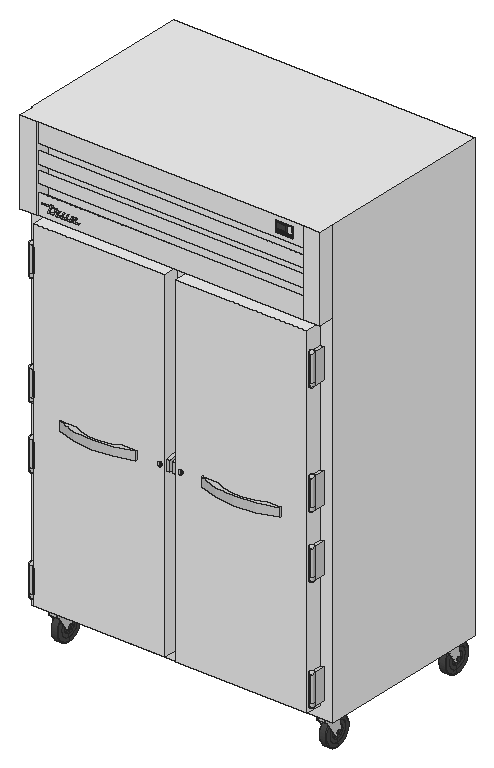
Revit family
Parameters
  Weight in Pounds = 0
  Watts = 3000 W
  Volts = 208 V
  URL Cutsheet = "www.truemfg.com"
  URL = "www.truemfg.com"
  Type Mark [instance] = ""
  Type Comments = ""
  Status [instance] = ""
  Specification by User [instance] = ""
  Specification by Manufacturer = ""
  Show Seismic Flanged [instance] = no
  Show Logo [instance] = yes
  Show Legs [instance] = no
  Show Clearance [instance] = yes
  Serial Number = ""
  Seismic Rating = ""
  Seismic Plate [instance] = and(Show Seismic Flanged, not(Show Casters))  # no
  SMACNA No = ""
  Revision Code [instance] = ""
  Phase = 1
  Omniclass Number and Title = ""
  Number of Poles [instance] = 1
  NAFEM Spec ID Number = ""
  Model = "STA2H-2S"
  Min Ckt Ampacity = 0 A
  Max Overcurrent Protection = 0 A
  Masterspec = ""
  Manufacturer = "TRUE FOOD SERVICE EQUIPMENT, INC."
  Length = 52 5/8"
  Legs [instance] = or(Show Legs, Show Seismic Flanged)  # no
  Item Number [instance] = ""
  Installed By [instance] = ""
  Identify Quantity as Lot [instance] = yes
  Height = 77 3/4"
  HP = ""
  Furnished By [instance] = ""
  Foodservice Equipment Identifier [instance] = yes
  FL Amps = Watts / Volts  # 14.4231 A
  Electrical Remarks [instance] = ""
  Electric Connection Type [instance] = ""
  Elec Conn RI Height [instance] = 0"
  Elec Conn Connection Height [instance] = 0"
  Description = "Reach-in Solid Swing Door Heated Cabinet"
  Depth = 33 3/4"
  Cycle = 60 Hz
  Conn Plug = "6-15P"
  Conn Conduit = yes
  Show Casters [instance] = and(not(if(Show Legs, Show Legs, Show Legs)), not(if(Show Legs, Show Legs, Show Seismic Flanged)))  # yes
  CSI MasterFormat = ""
  CSI Master Format = ""
  Apparent Power = if(Phase = 3, Volts * FL Amps * 1.73, Volts * FL Amps)  # 3000 VA
Reference planes (in)
  plane 1 "BACK": y = 0
  plane 2: z = 0
  plane 3 "LEFT": x = 0
  plane 4 "RIGHT": x = 52.625
  plane 5 "FRONT": y = -33.75
  plane 6 "TOP": z = 84.125
  plane 7: z = 6.125
  plane 8: x = 26.3125
  plane 9: x = 3
  plane 10: x = 49.9375
  plane 11: y = -33.7042
  plane 12: x = 26.46875
Forms (in)
  Extrusion 1, solid, material "QF_Finishes_Chrome - Satin"
    sketch origin (0.05, 0, 0) x (1, 0, 0) y (0, 1, 0)
      loop
        line (-0.05, 0) -> (-0.05, -31) -> (2.35625, -31) -> (2.35625, 0) -> (-0.05, 0)
    from 6.125 to 84.125
  Extrusion 2, solid, material "QF_Finishes_Chrome - Satin"
    sketch origin (50.15, 0, 0) x (1, 0, 0) y (0, 1, 0)
      loop
        line (0.225, 0) -> (0.225, -31) -> (2.475, -31) -> (2.475, 0) -> (0.225, 0)
    from 6.125 to 84.125
  Extrusion 3, solid, material "QF_Finishes_Chrome - Satin"
    sketch origin (0, 0, 0) x (0, 1, 0) y (0, 0, 1)
      loop
        line (-33.7042, 69.5) -> (-31, 69.5) -> (-31, 6.125) -> (0, 6.125) -> (0, 84.125) -> (-33.7042, 84.125) -> (-33.7042, 80.78078) -> (-31.5, 79.21352) -> (-31.5, 78.09125) -> (-33.7042, 79.65851) -> (-33.7042, 77.5248) -> (-31.5, 75.95754) -> (-31.5, 74.99678) -> (-33.7042, 76.56404) -> (-33.7042, 74.46784) -> (-31.5, 72.90057) -> (-31.5, 71.625) -> (-33.7042, 73.19226) -> (-33.7042, 69.5)
    from 2.25 to 50.375
  Extrusion 4, solid, material "QF_Finishes_Chrome - Satin"
    sketch origin (0, 0, 0) x (1, 0, 0) y (0, 1, 0)
      loop
        line (52.54687, -31) -> (49.66032, -31) -> (49.66032, -33.75) -> (52.54687, -33.75) -> (52.54687, -31)
    from 69.5 to 84.125
  Extrusion 5, solid, material "QF_Finishes_Chrome - Satin"
    sketch origin (-50.125, 0, 0.25) x (1, 0, 0) y (0, 1, 0)
      loop
        line (53.20984, -31) -> (50.20312, -31) -> (50.20312, -33.75) -> (53.20984, -33.75) -> (53.20984, -31)
    from 69.25 to 83.875
  Extrusion 6, solid, material "QF_Finishes_Chrome - Satin"
    sketch origin (0, 0, -0.71875) x (1, 0, 0) y (0, 0, 1)
      loop
        line (2.4375, 68.6875) -> (2.4375, 8.75) -> (25.375, 8.75) -> (25.375, 68.6875) -> (2.4375, 68.6875)
      loop
        line (50.34375, 68.6875) -> (27.40625, 68.6875) -> (27.40625, 8.75) -> (50.34375, 8.75) -> (50.34375, 68.6875)
    from 31 to 33.75
  Extrusion 7, solid, material "QF_Finishes_Handrails and Railings"
    sketch origin (85.96563, -0.25, 26.37269) x (1, 0, 0) y (0, 1, 0)
      loop
        line (-53.875, -33.5) -> (-53.875, -33.7)
        arc (-53.875, -33.7) -> (-47.075, -35.14405) -> (-40.275, -33.7) r 16.7325
        line (-40.275, -33.7) -> (-40.275, -33.5) -> (-42.675, -33.5)
        arc (-42.675, -33.5) -> (-47.075, -34.65816) -> (-51.475, -33.5) r 8.93715
        line (-51.475, -33.5) -> (-53.875, -33.5)
    from 10.87731 to 12.37731
  Extrusion 8, solid, material "QF_Finishes_Handrails and Railings"
    sketch origin (1.90625, 0, -2) x (1, 0, 0) y (0, 0, 1)
      loop
        circle (22.6875, 40.0625) r 0.35
      loop
        line (22.65235, 40.33635) -> (22.65235, 39.76895) -> (22.70785, 39.76895) -> (22.70785, 40.33635) -> (22.65235, 40.33635)
      loop
        circle (26.3125, 40.0625) r 0.35
      loop
        line (26.34765, 40.33635) -> (26.29215, 40.33635) -> (26.29215, 39.76895) -> (26.34765, 39.76895) -> (26.34765, 40.33635)
    from 33.5 to 33.83066
  Extrusion 9, solid, material "QF_Finishes_Handrails and Railings", visible <- "Show Logo"
    sketch origin (0.33478, 1.08173, -6.73143) x (1, 0, 0) y (0, 0, 1)
      loop
        line (3.61669, 78.46231) -> (3.51103, 78.23573) -> (4.91652, 78.23573)
        arc (4.91652, 78.23573) -> (4.94504, 78.18528) -> (4.91652, 78.13484) r 0.05887
        line (4.91652, 78.13484) -> (4.54994, 77.34872)
        arc (4.54994, 77.34872) -> (4.54676, 77.27591) -> (4.596, 77.22217) r 0.09523
        line (4.596, 77.22217) -> (5.49469, 77.22217)
        arc (5.49469, 77.22217) -> (5.60817, 77.25795) -> (5.68061, 77.35235) r 0.19785
        line (5.68061, 77.35235) -> (5.9691, 77.97101) -> (6.23415, 77.97101)
        arc (6.23415, 77.97101) -> (6.30369, 77.94543) -> (6.29362, 77.87203) r 0.05911
        line (6.29362, 77.87203) -> (6.05223, 77.35437)
        arc (6.05223, 77.35437) -> (6.05599, 77.2684) -> (6.12856, 77.22217) r 0.09318
        line (6.12856, 77.22217) -> (6.91823, 77.22217)
        arc (6.91823, 77.22217) -> (6.97874, 77.24419) -> (7.01093, 77.29995) r 0.09412
        arc (7.01093, 77.29995) -> (7.03371, 77.24495) -> (7.08871, 77.22217) r 0.07778
        line (7.08871, 77.22217) -> (7.58871, 77.22217)
        arc (7.58871, 77.22217) -> (7.64647, 77.23765) -> (7.68876, 77.27993) r 0.11552
        arc (7.68876, 77.27993) -> (7.709, 77.23106) -> (7.75787, 77.21081) r 0.06912
        line (7.75787, 77.21081) -> (8.4685, 77.21081)
        arc (8.4685, 77.21081) -> (8.52659, 77.23488) -> (8.55066, 77.29297) r 0.08216
        arc (8.55066, 77.29297) -> (8.60392, 77.23972) -> (8.67667, 77.22022) r 0.14551
        line (8.67667, 77.22022) -> (10.00783, 77.22022) -> (10.15571, 77.47634) -> (8.81303, 77.47634)
        arc (8.81303, 77.47634) -> (8.77597, 77.50204) -> (8.77459, 77.54711) r 0.05009
        line (8.77459, 77.54711) -> (8.79782, 77.59692)
        arc (8.79782, 77.59692) -> (8.83348, 77.64364) -> (8.88952, 77.66135) r 0.09747
        line (8.88952, 77.66135) -> (9.3211, 77.66135)
        arc (9.3211, 77.66135) -> (9.41425, 77.68631) -> (9.48244, 77.7545) r 0.1863
        line (9.48244, 77.7545) -> (9.60744, 77.97101)
        arc (9.60744, 77.97101) -> (9.60744, 78.08657) -> (9.50736, 78.14434) r 0.11556
        line (9.50736, 78.14434) -> (9.05187, 78.14434)
        arc (9.05187, 78.14434) -> (8.93575, 78.12462) -> (8.85474, 78.03912) r 0.18605
        line (8.85474, 78.03912) -> (8.63829, 77.57493)
        arc (8.63829, 77.57493) -> (8.5744, 77.49167) -> (8.47431, 77.46011) r 0.1745
        line (8.47431, 77.46011) -> (8.00184, 77.46011)
        arc (8.00184, 77.46011) -> (7.94528, 77.52184) -> (7.94893, 77.60548) r 0.10939
        line (7.94893, 77.60548) -> (8.2002, 78.14434) -> (8.04028, 78.14434) -> (7.77406, 77.57344)
        arc (7.77406, 77.57344) -> (7.72234, 77.50603) -> (7.6413, 77.48048) r 0.14128
        line (7.6413, 77.48048) -> (7.3155, 77.48048)
        arc (7.3155, 77.48048) -> (7.26044, 77.55223) -> (7.27225, 77.64189) r 0.11816
        line (7.27225, 77.64189) -> (7.50655, 78.14434) -> (7.34139, 78.14434) -> (7.07171, 77.566)
        arc (7.07171, 77.566) -> (7.0091, 77.50339) -> (6.92358, 77.48048) r 0.17104
        line (6.92358, 77.48048) -> (6.4518, 77.48048)
        arc (6.4518, 77.48048) -> (6.36707, 77.51999) -> (6.35892, 77.61313) r 0.0935
        line (6.35892, 77.61313) -> (6.51399, 77.94569) -> (6.7332, 77.94569)
        arc (6.7332, 77.94569) -> (6.7702, 78.05717) -> (6.84892, 78.14434) r 0.2857
        line (6.84892, 78.14434) -> (5.9923, 78.14434)
        arc (5.9923, 78.14434) -> (5.89711, 78.12324) -> (5.83123, 78.05135) r 0.16212
        line (5.83123, 78.05135) -> (5.59904, 77.55341)
        arc (5.59904, 77.55341) -> (5.54565, 77.50002) -> (5.47272, 77.48048) r 0.14586
        line (5.47272, 77.48048) -> (4.96131, 77.48048)
        arc (4.96131, 77.48048) -> (4.92139, 77.53442) -> (4.92899, 77.60109) r 0.09155
        line (4.92899, 77.60109) -> (5.26643, 78.23573) -> (6.1178, 78.23573) -> (6.22346, 78.46231) -> (5.37209, 78.46231) -> (5.47774, 78.68888) -> (5.17487, 78.68888) -> (5.06922, 78.46231) -> (3.61669, 78.46231)
      loop
        arc (8.9943, 77.93863) -> (8.95744, 77.92875) -> (8.93045, 77.90176) r 0.07373
        line (8.93045, 77.90176) -> (8.90854, 77.83436)
        arc (8.90854, 77.83436) -> (8.9187, 77.80983) -> (8.94324, 77.79966) r 0.0347
        line (8.94324, 77.79966) -> (9.31573, 77.79966)
        arc (9.31573, 77.79966) -> (9.34257, 77.80561) -> (9.36437, 77.82234) r 0.0635
        line (9.36437, 77.82234) -> (9.38249, 77.90622)
        arc (9.38249, 77.90622) -> (9.37716, 77.92868) -> (9.35634, 77.93863) r 0.02676
        line (9.35634, 77.93863) -> (8.9943, 77.93863)
    from 34.76797 to 34.83173
  Extrusion 10, solid
    sketch origin (0, 0, 0) x (1, 0, 0) y (0, 0, 1)
      loop
        circle (49.53125, 82) r 0.25
    from 0 to 0.0625
  Extrusion 11, solid, material "QF_Finishes_Handrails and Railings"
    sketch origin (-33.16875, -0.25, 26.37269) x (1, 0, 0) y (0, 1, 0)
      loop
        line (53.71875, -33.5) -> (51.31875, -33.5)
        arc (51.31875, -33.5) -> (47.075, -34.58228) -> (42.83125, -33.5) r 8.86127
        line (42.83125, -33.5) -> (40.43125, -33.5) -> (40.43125, -33.7)
        arc (40.43125, -33.7) -> (47.075, -35.08117) -> (53.71875, -33.7) r 16.66961
        line (53.71875, -33.7) -> (53.71875, -33.5)
    from 10.87731 to 12.37731
  Blend 12, solid, material "QF_Finishes_Handrails and Railings"
    base sketch origin (0.125, 0, 0) x (1, 0, 0) y (0, 0, 1)
      loop
        line (25.25, 38.99169) -> (25.25, 37.24169) -> (26, 37.24169) -> (26, 38.99169) -> (25.25, 38.99169)
    top sketch origin (0.125, 0, 0) x (1, 0, 0) y (0, 0, 1)
      loop
        line (26.18223, 36.6441) -> (26.18223, 39.42643) -> (25.25, 39.42643) -> (25.25, 36.6441) -> (26.18223, 36.6441)
    from 33.57883 to 31
  Blend 13, solid, material "QF_Finishes_Handrails and Railings"
    base sketch origin (52.65625, 0, 0) x (-1, 0, 0) y (0, 0, -1)
      loop
        line (25.25, -38.99169) -> (26, -38.99169) -> (26, -37.24169) -> (25.25, -37.24169) -> (25.25, -38.99169)
    top sketch origin (52.65625, 0, 0) x (-1, 0, 0) y (0, 0, -1)
      loop
        line (26.18223, -36.6441) -> (25.25, -36.6441) -> (25.25, -39.42643) -> (26.18223, -39.42643) -> (26.18223, -36.6441)
    from 33.57883 to 31
  Extrusion 14, solid, material "QF_Finishes_Handrails and Railings"
    sketch origin (1.28125, 0, 0) x (0, 1, 0) y (0, 0, 1)
      loop
        line (-31, 64.55229) -> (-32.61044, 64.55229)
        arc (-32.61044, 64.55229) -> (-32.75506, 64.49238) -> (-32.81497, 64.34776) r 0.20453
        line (-32.81497, 64.34776) -> (-32.81497, 59.94848) -> (-33.25, 59.94848) -> (-33.25, 59.23627) -> (-31, 59.23627) -> (-31, 64.55229)
    from 0.17506 to 1
  Revolve 15, solid, material "QF_Finishes_Handrails and Railings"
    sketch origin (1.78125, 0, 0) x (0, 1, 0) y (0, 0, 1)
      loop
        line (-33.26563, 60.00189) -> (-33.26563, 64.81483)
        arc (-33.26563, 64.81483) -> (-33.53722, 64.72557) -> (-33.67229, 64.4736) r 0.3848
        line (-33.67229, 64.4736) -> (-33.67229, 60.00189) -> (-33.26563, 60.00189)
      loop
        line (-33.26563, 59.94848) -> (-33.67229, 59.94848) -> (-33.67229, 59.37712)
        arc (-33.67229, 59.37712) -> (-33.53264, 59.13383) -> (-33.26563, 59.04781) r 0.38884
        line (-33.26563, 59.04781) -> (-33.26563, 59.94848)
      axis (-33.26563, 59.04781) -> (-33.26563, 64.81483)
    angle from 0 to 360
  Extrusion 16, solid, material "QF_Finishes_Handrails and Railings"
    sketch origin (-0.03125, 0, 0) x (1, 0, 0) y (0, 0, 1)
      loop
        line (2.07116, 64.4736) -> (2.07116, 60.00079) -> (2.46875, 60.00079) -> (2.46875, 64.4736) -> (2.07116, 64.4736)
    from 32.81497 to 33.59495
  Extrusion 17, solid, material "QF_Finishes_Handrails and Railings"
    sketch origin (1.28125, 0, -19.5) x (0, 1, 0) y (0, 0, 1)
      loop
        line (-31, 64.55229) -> (-32.61044, 64.55229)
        arc (-32.61044, 64.55229) -> (-32.75506, 64.49238) -> (-32.81497, 64.34776) r 0.20453
        line (-32.81497, 64.34776) -> (-32.81497, 59.94848) -> (-33.25, 59.94848) -> (-33.25, 59.23627) -> (-31, 59.23627) -> (-31, 64.55229)
    from 0.17506 to 1
  Revolve 18, solid, material "QF_Finishes_Handrails and Railings"
    sketch origin (1.78125, 0, -19.5) x (0, 1, 0) y (0, 0, 1)
      loop
        line (-33.26563, 60.00189) -> (-33.26563, 64.81483)
        arc (-33.26563, 64.81483) -> (-33.53722, 64.72557) -> (-33.67229, 64.4736) r 0.3848
        line (-33.67229, 64.4736) -> (-33.67229, 60.00189) -> (-33.26563, 60.00189)
      loop
        line (-33.26563, 59.94848) -> (-33.67229, 59.94848) -> (-33.67229, 59.37712)
        arc (-33.67229, 59.37712) -> (-33.53264, 59.13383) -> (-33.26563, 59.04781) r 0.38884
        line (-33.26563, 59.04781) -> (-33.26563, 59.94848)
      axis (-33.26563, 59.04781) -> (-33.26563, 64.81483)
    angle from 0 to 360
  Extrusion 19, solid, material "QF_Finishes_Handrails and Railings"
    sketch origin (-0.03125, 0, -19.5) x (1, 0, 0) y (0, 0, 1)
      loop
        line (2.07116, 64.4736) -> (2.07116, 60.00079) -> (2.46875, 60.00079) -> (2.46875, 64.4736) -> (2.07116, 64.4736)
    from 32.81497 to 33.59495
  Extrusion 20, solid, material "QF_Finishes_Handrails and Railings"
    sketch origin (1.28125, 0, -30.5) x (0, 1, 0) y (0, 0, 1)
      loop
        line (-31, 64.55229) -> (-32.61044, 64.55229)
        arc (-32.61044, 64.55229) -> (-32.75506, 64.49238) -> (-32.81497, 64.34776) r 0.20453
        line (-32.81497, 64.34776) -> (-32.81497, 59.94848) -> (-33.25, 59.94848) -> (-33.25, 59.23627) -> (-31, 59.23627) -> (-31, 64.55229)
    from 0.17506 to 1
  Revolve 21, solid, material "QF_Finishes_Handrails and Railings"
    sketch origin (1.78125, 0, -30.5) x (0, 1, 0) y (0, 0, 1)
      loop
        line (-33.26563, 60.00189) -> (-33.26563, 64.81483)
        arc (-33.26563, 64.81483) -> (-33.53722, 64.72557) -> (-33.67229, 64.4736) r 0.3848
        line (-33.67229, 64.4736) -> (-33.67229, 60.00189) -> (-33.26563, 60.00189)
      loop
        line (-33.26563, 59.94848) -> (-33.67229, 59.94848) -> (-33.67229, 59.37712)
        arc (-33.67229, 59.37712) -> (-33.53264, 59.13383) -> (-33.26563, 59.04781) r 0.38884
        line (-33.26563, 59.04781) -> (-33.26563, 59.94848)
      axis (-33.26563, 59.04781) -> (-33.26563, 64.81483)
    angle from 0 to 360
  Extrusion 22, solid, material "QF_Finishes_Handrails and Railings"
    sketch origin (-0.03125, 0, -30.5) x (1, 0, 0) y (0, 0, 1)
      loop
        line (2.07116, 64.4736) -> (2.07116, 60.00079) -> (2.46875, 60.00079) -> (2.46875, 64.4736) -> (2.07116, 64.4736)
    from 32.81497 to 33.59495
  Extrusion 23, solid, material "QF_Finishes_Handrails and Railings"
    sketch origin (1.28125, 0, -50.25) x (0, 1, 0) y (0, 0, 1)
      loop
        line (-31, 64.55229) -> (-32.61044, 64.55229)
        arc (-32.61044, 64.55229) -> (-32.75506, 64.49238) -> (-32.81497, 64.34776) r 0.20453
        line (-32.81497, 64.34776) -> (-32.81497, 59.94848) -> (-33.25, 59.94848) -> (-33.25, 59.23627) -> (-31, 59.23627) -> (-31, 64.55229)
    from 0.17506 to 1
  Revolve 24, solid, material "QF_Finishes_Handrails and Railings"
    sketch origin (1.78125, 0, -50.25) x (0, 1, 0) y (0, 0, 1)
      loop
        line (-33.26563, 60.00189) -> (-33.26563, 64.81483)
        arc (-33.26563, 64.81483) -> (-33.53722, 64.72557) -> (-33.67229, 64.4736) r 0.3848
        line (-33.67229, 64.4736) -> (-33.67229, 60.00189) -> (-33.26563, 60.00189)
      loop
        line (-33.26563, 59.94848) -> (-33.67229, 59.94848) -> (-33.67229, 59.37712)
        arc (-33.67229, 59.37712) -> (-33.53264, 59.13383) -> (-33.26563, 59.04781) r 0.38884
        line (-33.26563, 59.04781) -> (-33.26563, 59.94848)
      axis (-33.26563, 59.04781) -> (-33.26563, 64.81483)
    angle from 0 to 360
  Extrusion 25, solid, material "QF_Finishes_Handrails and Railings"
    sketch origin (-0.03125, 0, -50.25) x (1, 0, 0) y (0, 0, 1)
      loop
        line (2.07116, 64.4736) -> (2.07116, 60.00079) -> (2.46875, 60.00079) -> (2.46875, 64.4736) -> (2.07116, 64.4736)
    from 32.81497 to 33.59495
  Extrusion 26, solid, material "QF_Finishes_Handrails and Railings"
    sketch origin (51.1875, 0, 0) x (0, 1, 0) y (0, 0, -1)
      loop
        line (-31, -64.55229) -> (-31, -59.23627) -> (-33.25, -59.23627) -> (-33.25, -59.94848) -> (-32.81497, -59.94848) -> (-32.81497, -64.34776)
        arc (-32.81497, -64.34776) -> (-32.75506, -64.49238) -> (-32.61044, -64.55229) r 0.20453
        line (-32.61044, -64.55229) -> (-31, -64.55229)
    from 0.17506 to 1
  Revolve 27, solid, material "QF_Finishes_Handrails and Railings"
    sketch origin (50.6875, 0, 0) x (0, 1, 0) y (0, 0, -1)
      loop
        line (-33.26563, -60.00189) -> (-33.67229, -60.00189) -> (-33.67229, -64.4736)
        arc (-33.67229, -64.4736) -> (-33.53722, -64.72557) -> (-33.26563, -64.81483) r 0.3848
        line (-33.26563, -64.81483) -> (-33.26563, -60.00189)
      loop
        line (-33.26563, -59.94848) -> (-33.26563, -59.04781)
        arc (-33.26563, -59.04781) -> (-33.53264, -59.13383) -> (-33.67229, -59.37712) r 0.38884
        line (-33.67229, -59.37712) -> (-33.67229, -59.94848) -> (-33.26563, -59.94848)
      axis (-33.26563, -59.04781) -> (-33.26563, -64.81483)
    angle from 0 to 360
  Extrusion 28, solid, material "QF_Finishes_Handrails and Railings"
    sketch origin (52.5, 0, 0) x (-1, 0, 0) y (0, 0, -1)
      loop
        line (1.75866, -64.4736) -> (2.15625, -64.4736) -> (2.15625, -60.00079) -> (1.75866, -60.00079) -> (1.75866, -64.4736)
    from 32.81497 to 33.59495
  Extrusion 29, solid, material "QF_Finishes_Handrails and Railings"
    sketch origin (51.1875, 0, -19.5) x (0, 1, 0) y (0, 0, -1)
      loop
        line (-31, -64.55229) -> (-31, -59.23627) -> (-33.25, -59.23627) -> (-33.25, -59.94848) -> (-32.81497, -59.94848) -> (-32.81497, -64.34776)
        arc (-32.81497, -64.34776) -> (-32.75506, -64.49238) -> (-32.61044, -64.55229) r 0.20453
        line (-32.61044, -64.55229) -> (-31, -64.55229)
    from 0.17506 to 1
  Revolve 30, solid, material "QF_Finishes_Handrails and Railings"
    sketch origin (50.6875, 0, -19.5) x (0, 1, 0) y (0, 0, -1)
      loop
        line (-33.26563, -60.00189) -> (-33.67229, -60.00189) -> (-33.67229, -64.4736)
        arc (-33.67229, -64.4736) -> (-33.53722, -64.72557) -> (-33.26563, -64.81483) r 0.3848
        line (-33.26563, -64.81483) -> (-33.26563, -60.00189)
      loop
        line (-33.26563, -59.94848) -> (-33.26563, -59.04781)
        arc (-33.26563, -59.04781) -> (-33.53264, -59.13383) -> (-33.67229, -59.37712) r 0.38884
        line (-33.67229, -59.37712) -> (-33.67229, -59.94848) -> (-33.26563, -59.94848)
      axis (-33.26563, -59.04781) -> (-33.26563, -64.81483)
    angle from 0 to 360
  Extrusion 31, solid, material "QF_Finishes_Handrails and Railings"
    sketch origin (52.5, 0, -19.5) x (-1, 0, 0) y (0, 0, -1)
      loop
        line (1.75866, -64.4736) -> (2.15625, -64.4736) -> (2.15625, -60.00079) -> (1.75866, -60.00079) -> (1.75866, -64.4736)
    from 32.81497 to 33.59495
  Extrusion 32, solid, material "QF_Finishes_Handrails and Railings"
    sketch origin (51.1875, 0, -30.5) x (0, 1, 0) y (0, 0, -1)
      loop
        line (-31, -64.55229) -> (-31, -59.23627) -> (-33.25, -59.23627) -> (-33.25, -59.94848) -> (-32.81497, -59.94848) -> (-32.81497, -64.34776)
        arc (-32.81497, -64.34776) -> (-32.75506, -64.49238) -> (-32.61044, -64.55229) r 0.20453
        line (-32.61044, -64.55229) -> (-31, -64.55229)
    from 0.17506 to 1
  Revolve 33, solid, material "QF_Finishes_Handrails and Railings"
    sketch origin (50.6875, 0, -30.5) x (0, 1, 0) y (0, 0, -1)
      loop
        line (-33.26563, -60.00189) -> (-33.67229, -60.00189) -> (-33.67229, -64.4736)
        arc (-33.67229, -64.4736) -> (-33.53722, -64.72557) -> (-33.26563, -64.81483) r 0.3848
        line (-33.26563, -64.81483) -> (-33.26563, -60.00189)
      loop
        line (-33.26563, -59.94848) -> (-33.26563, -59.04781)
        arc (-33.26563, -59.04781) -> (-33.53264, -59.13383) -> (-33.67229, -59.37712) r 0.38884
        line (-33.67229, -59.37712) -> (-33.67229, -59.94848) -> (-33.26563, -59.94848)
      axis (-33.26563, -59.04781) -> (-33.26563, -64.81483)
    angle from 0 to 360
  Extrusion 34, solid, material "QF_Finishes_Handrails and Railings"
    sketch origin (52.5, 0, -30.5) x (-1, 0, 0) y (0, 0, -1)
      loop
        line (1.75866, -64.4736) -> (2.15625, -64.4736) -> (2.15625, -60.00079) -> (1.75866, -60.00079) -> (1.75866, -64.4736)
    from 32.81497 to 33.59495
  Extrusion 35, solid, material "QF_Finishes_Handrails and Railings"
    sketch origin (51.1875, 0, -50.25) x (0, 1, 0) y (0, 0, -1)
      loop
        line (-31, -64.55229) -> (-31, -59.23627) -> (-33.25, -59.23627) -> (-33.25, -59.94848) -> (-32.81497, -59.94848) -> (-32.81497, -64.34776)
        arc (-32.81497, -64.34776) -> (-32.75506, -64.49238) -> (-32.61044, -64.55229) r 0.20453
        line (-32.61044, -64.55229) -> (-31, -64.55229)
    from 0.17506 to 1
  Revolve 36, solid, material "QF_Finishes_Handrails and Railings"
    sketch origin (50.6875, 0, -50.25) x (0, 1, 0) y (0, 0, -1)
      loop
        line (-33.26563, -60.00189) -> (-33.67229, -60.00189) -> (-33.67229, -64.4736)
        arc (-33.67229, -64.4736) -> (-33.53722, -64.72557) -> (-33.26563, -64.81483) r 0.3848
        line (-33.26563, -64.81483) -> (-33.26563, -60.00189)
      loop
        line (-33.26563, -59.94848) -> (-33.26563, -59.04781)
        arc (-33.26563, -59.04781) -> (-33.53264, -59.13383) -> (-33.67229, -59.37712) r 0.38884
        line (-33.67229, -59.37712) -> (-33.67229, -59.94848) -> (-33.26563, -59.94848)
      axis (-33.26563, -59.04781) -> (-33.26563, -64.81483)
    angle from 0 to 360
  Extrusion 37, solid, material "QF_Finishes_Handrails and Railings"
    sketch origin (52.5, 0, -50.25) x (-1, 0, 0) y (0, 0, -1)
      loop
        line (1.75866, -64.4736) -> (2.15625, -64.4736) -> (2.15625, -60.00079) -> (1.75866, -60.00079) -> (1.75866, -64.4736)
    from 32.81497 to 33.59495
  Revolve 38, solid, material "QF_Finishes_Black", visible <- "Show Casters"
    sketch origin (47.78125, -27.375, 0) x (1, 0, 0) y (0, 0, 1)
      loop
        line (1.63125, 5) -> (1.53125, 4.9) -> (1.53125, 4.29941) -> (1.69226, 4.29941) -> (1.69226, 3.54941) -> (1.53125, 3.54941) -> (1.53125, 2.79941) -> (1.13125, 2.79941) -> (1.13125, 2.5) -> (3.18125, 2.5) -> (3.18125, 2.79941) -> (2.78533, 2.79941) -> (2.78533, 3.54941) -> (2.62024, 3.54941) -> (2.62024, 4.29941) -> (2.78533, 4.29941) -> (2.78533, 4.89592) -> (2.68125, 5) -> (1.63125, 5)
      axis (3.18125, 2.5) -> (1.13125, 2.5)
    angle from 0 to 360
  Extrusion 39, solid, material "QF_Finishes_Handrails and Railings", visible <- "Show Casters"
    sketch origin (47.78125, 0, 0) x (0, 1, 0) y (0, 0, 1)
      loop
        line (-29.95136, 5.48574) -> (-29.95136, 4.88089) -> (-29.70136, 4.88089) -> (-27.95216, 2.18736)
        arc (-27.95216, 2.18736) -> (-27.23883, 1.94868) -> (-26.84581, 2.59003) r 0.60416
        line (-26.84581, 2.59003) -> (-27.20136, 5.48574) -> (-29.95136, 5.48574)
      loop
        line (-3.8577, 5.48574) -> (-3.8577, 4.88089) -> (-3.6077, 4.88089) -> (-1.8585, 2.18736)
        arc (-1.8585, 2.18736) -> (-1.14517, 1.94868) -> (-0.75215, 2.59003) r 0.60416
        line (-0.75215, 2.59003) -> (-1.1077, 5.48574) -> (-3.8577, 5.48574)
    from 1.175 to 1.325
  Extrusion 40, solid, material "QF_Finishes_Handrails and Railings", visible <- "Show Casters"
    sketch origin (49.28125, 0, 0) x (0, 1, 0) y (0, 0, 1)
      loop
        line (-29.95136, 5.48574) -> (-29.95136, 4.88089) -> (-29.70136, 4.88089) -> (-27.95216, 2.18736)
        arc (-27.95216, 2.18736) -> (-27.23883, 1.94868) -> (-26.84581, 2.59003) r 0.60416
        line (-26.84581, 2.59003) -> (-27.20136, 5.48574) -> (-29.95136, 5.48574)
      loop
        line (-3.8577, 5.48574) -> (-3.8577, 4.88089) -> (-3.6077, 4.88089) -> (-1.8585, 2.18736)
        arc (-1.8585, 2.18736) -> (-1.14517, 1.94868) -> (-0.75215, 2.59003) r 0.60416
        line (-0.75215, 2.59003) -> (-1.1077, 5.48574) -> (-3.8577, 5.48574)
    from 1.175 to 1.325
  Revolve 41, solid, material "QF_Finishes_Chrome - Satin", visible <- "Show Casters"
    sketch origin (47.78125, -28.5625, -0.5) x (1, 0, 0) y (0, 0, 1)
      loop
        line (2.15625, 5.99546) -> (2.15625, 6.62359) -> (0.85918, 6.62359) -> (0.85918, 5.99546) -> (2.15625, 5.99546)
      axis (2.15625, 5.99546) -> (2.15625, 6.62359)
    angle from 0 to 360
  Revolve 42, solid, material "QF_Finishes_Chrome - Satin", visible <- "Legs"
    sketch origin (47.78125, -2.69102, 0) x (1, 0, 0) y (0, 0, 1)
      loop
        line (2.15625, 6.125) -> (0.82287, 6.125) -> (1.40625, 1) -> (1.65625, 1) -> (1.65625, 0) -> (2.15625, 0) -> (2.15625, 6.125)
      axis (2.15625, 0) -> (2.15625, 6.125)
    angle from 0 to 360
  Revolve 43, solid, material "QF_Finishes_Chrome - Satin", visible <- "Legs"
    sketch origin (47.78125, -28.65977, 0) x (1, 0, 0) y (0, 0, 1)
      loop
        line (2.15625, 6.125) -> (0.82287, 6.125) -> (1.40625, 1) -> (1.65625, 1) -> (1.65625, 0) -> (2.15625, 0) -> (2.15625, 6.125)
      axis (2.15625, 0) -> (2.15625, 6.125)
    angle from 0 to 360
  Revolve 44, solid, material "QF_Finishes_Chrome - Satin", visible <- "Show Casters"
    sketch origin (47.78125, -2.70321, -0.5) x (1, 0, 0) y (0, 0, 1)
      loop
        line (2.15625, 5.99546) -> (2.15625, 6.62359) -> (0.85918, 6.62359) -> (0.85918, 5.99546) -> (2.15625, 5.99546)
      axis (2.15625, 5.99546) -> (2.15625, 6.62359)
    angle from 0 to 360
  Extrusion 45, solid, material "QF_Finishes_Handrails and Railings", visible <- "Show Casters"
    sketch origin (0, 0, 0) x (0, 1, 0) y (0, 0, 1)
      loop
        line (-29.95136, 5.48574) -> (-29.95136, 4.88089) -> (-29.70136, 4.88089) -> (-27.16533, 5.19227) -> (-27.20136, 5.48574) -> (-29.95136, 5.48574)
      loop
        line (-3.8577, 5.48574) -> (-3.8577, 4.88089) -> (-3.6077, 4.88089) -> (-1.07167, 5.19227) -> (-1.1077, 5.48574) -> (-3.8577, 5.48574)
    from 49.10625 to 50.45625
  Revolve 46, solid, material "QF_Finishes_Black", visible <- "Show Casters"
    sketch origin (47.78125, -1.21875, 0) x (1, 0, 0) y (0, 0, 1)
      loop
        line (1.63125, 5) -> (1.53125, 4.9) -> (1.53125, 4.29941) -> (1.69226, 4.29941) -> (1.69226, 3.54941) -> (1.53125, 3.54941) -> (1.53125, 2.79941) -> (1.13125, 2.79941) -> (1.13125, 2.5) -> (3.18125, 2.5) -> (3.18125, 2.79941) -> (2.78533, 2.79941) -> (2.78533, 3.54941) -> (2.62024, 3.54941) -> (2.62024, 4.29941) -> (2.78533, 4.29941) -> (2.78533, 4.89592) -> (2.68125, 5) -> (1.63125, 5)
      axis (3.18125, 2.5) -> (1.13125, 2.5)
    angle from 0 to 360
  Revolve 47, solid, material "QF_Finishes_Black", visible <- "Show Casters"
    sketch origin (0.84375, -27.375, 0) x (1, 0, 0) y (0, 0, 1)
      loop
        line (1.63125, 5) -> (1.53125, 4.9) -> (1.53125, 4.29941) -> (1.69226, 4.29941) -> (1.69226, 3.54941) -> (1.53125, 3.54941) -> (1.53125, 2.79941) -> (0.975, 2.79941) -> (0.975, 2.5) -> (3.18125, 2.5) -> (3.18125, 2.79941) -> (2.78533, 2.79941) -> (2.78533, 3.54941) -> (2.62024, 3.54941) -> (2.62024, 4.29941) -> (2.78533, 4.29941) -> (2.78533, 4.89592) -> (2.68125, 5) -> (1.63125, 5)
      axis (3.18125, 2.5) -> (0.975, 2.5)
    angle from 0 to 360
  Extrusion 48, solid, material "QF_Finishes_Handrails and Railings", visible <- "Show Casters"
    sketch origin (0.84375, 0, 0) x (0, 1, 0) y (0, 0, 1)
      loop
        line (-29.95136, 5.48574) -> (-29.95136, 4.88089) -> (-29.70136, 4.88089) -> (-27.95216, 2.18736)
        arc (-27.95216, 2.18736) -> (-27.23883, 1.94868) -> (-26.84581, 2.59003) r 0.60416
        line (-26.84581, 2.59003) -> (-27.20136, 5.48574) -> (-29.95136, 5.48574)
      loop
        line (-3.8577, 5.48574) -> (-3.8577, 4.88089) -> (-3.6077, 4.88089) -> (-1.8585, 2.18736)
        arc (-1.8585, 2.18736) -> (-1.14517, 1.94868) -> (-0.75215, 2.59003) r 0.60416
        line (-0.75215, 2.59003) -> (-1.1077, 5.48574) -> (-3.8577, 5.48574)
    from 1.175 to 1.325
  Extrusion 49, solid, material "QF_Finishes_Handrails and Railings", visible <- "Show Casters"
    sketch origin (2.34375, 0, 0) x (0, 1, 0) y (0, 0, 1)
      loop
        line (-29.95136, 5.48574) -> (-29.95136, 4.88089) -> (-29.70136, 4.88089) -> (-27.95216, 2.18736)
        arc (-27.95216, 2.18736) -> (-27.23883, 1.94868) -> (-26.84581, 2.59003) r 0.60416
        line (-26.84581, 2.59003) -> (-27.20136, 5.48574) -> (-29.95136, 5.48574)
      loop
        line (-3.8577, 5.48574) -> (-3.8577, 4.88089) -> (-3.6077, 4.88089) -> (-1.8585, 2.18736)
        arc (-1.8585, 2.18736) -> (-1.14517, 1.94868) -> (-0.75215, 2.59003) r 0.60416
        line (-0.75215, 2.59003) -> (-1.1077, 5.48574) -> (-3.8577, 5.48574)
    from 1.175 to 1.325
  Revolve 50, solid, material "QF_Finishes_Chrome - Satin", visible <- "Show Casters"
    sketch origin (0.84375, -28.5625, -0.5) x (1, 0, 0) y (0, 0, 1)
      loop
        line (2.15625, 5.99546) -> (2.15625, 6.62359) -> (0.85918, 6.62359) -> (0.85918, 5.99546) -> (2.15625, 5.99546)
      axis (2.15625, 5.99546) -> (2.15625, 6.62359)
    angle from 0 to 360
  Revolve 51, solid, material "QF_Finishes_Chrome - Satin", visible <- "Legs"
    sketch origin (0.84375, -2.69102, 0) x (1, 0, 0) y (0, 0, 1)
      loop
        line (2.15625, 6.125) -> (0.82287, 6.125) -> (1.40625, 1) -> (1.65625, 1) -> (1.65625, 0) -> (2.15625, 0) -> (2.15625, 6.125)
      axis (2.15625, 0) -> (2.15625, 6.125)
    angle from 0 to 360
  Revolve 52, solid, material "QF_Finishes_Chrome - Satin", visible <- "Legs"
    sketch origin (0.84375, -28.65977, 0) x (1, 0, 0) y (0, 0, 1)
      loop
        line (2.15625, 6.125) -> (0.82287, 6.125) -> (1.40625, 1) -> (1.65625, 1) -> (1.65625, 0) -> (2.15625, 0) -> (2.15625, 6.125)
      axis (2.15625, 0) -> (2.15625, 6.125)
    angle from 0 to 360
  Revolve 53, solid, material "QF_Finishes_Chrome - Satin", visible <- "Show Casters"
    sketch origin (0.84375, -2.70321, -0.5) x (1, 0, 0) y (0, 0, 1)
      loop
        line (2.15625, 5.99546) -> (2.15625, 6.62359) -> (0.85918, 6.62359) -> (0.85918, 5.99546) -> (2.15625, 5.99546)
      axis (2.15625, 5.99546) -> (2.15625, 6.62359)
    angle from 0 to 360
  Extrusion 54, solid, material "QF_Finishes_Handrails and Railings", visible <- "Show Casters"
    sketch origin (-46.9375, 0, 0) x (0, 1, 0) y (0, 0, 1)
      loop
        line (-29.95136, 5.48574) -> (-29.95136, 4.88089) -> (-29.70136, 4.88089) -> (-27.16533, 5.19227) -> (-27.20136, 5.48574) -> (-29.95136, 5.48574)
      loop
        line (-3.8577, 5.48574) -> (-3.8577, 4.88089) -> (-3.6077, 4.88089) -> (-1.07167, 5.19227) -> (-1.1077, 5.48574) -> (-3.8577, 5.48574)
    from 49.10625 to 50.45625
  Revolve 55, solid, material "QF_Finishes_Black", visible <- "Show Casters"
    sketch origin (0.84375, -1.21875, 0) x (1, 0, 0) y (0, 0, 1)
      loop
        line (1.63125, 5) -> (1.53125, 4.9) -> (1.53125, 4.29941) -> (1.69226, 4.29941) -> (1.69226, 3.54941) -> (1.53125, 3.54941) -> (1.53125, 2.79941) -> (0.975, 2.79941) -> (0.975, 2.5) -> (3.18125, 2.5) -> (3.18125, 2.79941) -> (2.78533, 2.79941) -> (2.78533, 3.54941) -> (2.62024, 3.54941) -> (2.62024, 4.29941) -> (2.78533, 4.29941) -> (2.78533, 4.89592) -> (2.68125, 5) -> (1.63125, 5)
      axis (3.18125, 2.5) -> (0.975, 2.5)
    angle from 0 to 360
  Extrusion 56, solid, material "QF_Finishes_White"
    sketch origin (1.49925, 1.06376, 1.58022) x (1, 0, 0) y (0, 0, 1)
      loop
        line (43.31732, 81.73227) -> (43.31732, 79.98496) -> (46.22357, 79.98496) -> (46.22357, 81.73227) -> (43.31732, 81.73227)
    from 34.75 to 34.76797
  Extrusion 57, solid, material "QF_Finishes_Black"
    sketch origin (1.49925, 1.06376, 1.58022) x (1, 0, 0) y (0, 0, 1)
      loop
        line (46.28607, 81.79477) -> (43.25482, 81.79477) -> (43.25482, 79.92246) -> (46.28607, 79.92246) -> (46.28607, 81.79477)
      loop
        spline (43.45482, 80.25372) -> (43.46333, 80.23754) -> (43.48831, 80.22247) -> (43.52804, 80.20952) -> (43.57982, 80.19959) -> (43.64011, 80.19335) -> (43.70482, 80.19122) -> (43.76952, 80.19335) -> (43.82982, 80.19959) -> (43.88159, 80.20952) -> (43.92132, 80.22247) -> (43.9463, 80.23754) -> (43.95482, 80.25372)
        spline (43.95482, 80.25372) -> (43.9463, 80.26989) -> (43.92132, 80.28497) -> (43.88159, 80.29791) -> (43.82982, 80.30784) -> (43.76952, 80.31409) -> (43.70482, 80.31622) -> (43.64011, 80.31409) -> (43.57982, 80.30784) -> (43.52804, 80.29791) -> (43.48831, 80.28497) -> (43.46333, 80.26989) -> (43.45482, 80.25372)
      loop
        spline (44.15083, 80.25372) -> (44.15935, 80.23754) -> (44.18432, 80.22247) -> (44.22405, 80.20952) -> (44.27583, 80.19959) -> (44.33612, 80.19335) -> (44.40083, 80.19122) -> (44.46553, 80.19335) -> (44.52583, 80.19959) -> (44.57761, 80.20952) -> (44.61734, 80.22247) -> (44.64231, 80.23754) -> (44.65083, 80.25372)
        spline (44.65083, 80.25372) -> (44.64231, 80.26989) -> (44.61734, 80.28497) -> (44.57761, 80.29791) -> (44.52583, 80.30784) -> (44.46553, 80.31409) -> (44.40083, 80.31622) -> (44.33612, 80.31409) -> (44.27583, 80.30784) -> (44.22405, 80.29791) -> (44.18432, 80.28497) -> (44.15935, 80.26989) -> (44.15083, 80.25372)
      loop
        spline (44.90083, 80.25372) -> (44.90935, 80.23754) -> (44.93432, 80.22247) -> (44.97405, 80.20952) -> (45.02583, 80.19959) -> (45.08612, 80.19335) -> (45.15083, 80.19122) -> (45.21553, 80.19335) -> (45.27583, 80.19959) -> (45.32761, 80.20952) -> (45.36734, 80.22247) -> (45.39231, 80.23754) -> (45.40083, 80.25372)
        spline (45.40083, 80.25372) -> (45.39231, 80.26989) -> (45.36734, 80.28497) -> (45.32761, 80.29791) -> (45.27583, 80.30784) -> (45.21553, 80.31409) -> (45.15083, 80.31622) -> (45.08612, 80.31409) -> (45.02583, 80.30784) -> (44.97405, 80.29791) -> (44.93432, 80.28497) -> (44.90935, 80.26989) -> (44.90083, 80.25372)
      loop
        line (43.45481, 81.59478) -> (43.45481, 80.59478) -> (45.15433, 80.59478) -> (45.15433, 81.59478) -> (43.45481, 81.59478)
      loop
        line (46.22357, 81.73227) -> (43.31732, 81.73227) -> (43.31732, 79.98496) -> (46.22357, 79.98496) -> (46.22357, 81.73227)
      loop
        spline (45.65083, 80.25372) -> (45.65935, 80.23754) -> (45.68432, 80.22247) -> (45.72405, 80.20952) -> (45.77583, 80.19959) -> (45.83612, 80.19335) -> (45.90083, 80.19122) -> (45.96553, 80.19335) -> (46.02583, 80.19959) -> (46.07761, 80.20952) -> (46.11734, 80.22247) -> (46.14231, 80.23754) -> (46.15083, 80.25372)
        spline (46.15083, 80.25372) -> (46.14231, 80.26989) -> (46.11734, 80.28497) -> (46.07761, 80.29791) -> (46.02583, 80.30784) -> (45.96553, 80.31409) -> (45.90083, 80.31622) -> (45.83612, 80.31409) -> (45.77583, 80.30784) -> (45.72405, 80.29791) -> (45.68432, 80.28497) -> (45.65935, 80.26989) -> (45.65083, 80.25372)
    from 34.76797 to 34.80335
  Extrusion 58, solid, material "QF_Finishes_Door Clearance", visible <- "Show Clearance", detail levels coarse
    sketch origin (0.66534, -3.6098, 0) x (-1, 0, 0) y (0, -1, 0)
      loop
        line (-49.67841, 30.1402) -> (-26.74091, 30.1402)
        arc (-26.74091, 30.1402) -> (-33.45915, 46.35946) -> (-49.67841, 53.0777) r 22.9375
        line (-49.67841, 53.0777) -> (-49.67841, 30.1402)
      loop
        line (-24.70966, 30.1402) -> (-1.77216, 30.1402) -> (-1.77216, 53.0777)
        arc (-1.77216, 53.0777) -> (-17.99142, 46.35946) -> (-24.70966, 30.1402) r 22.9375
    from 8.0288 to 67.96875
  Extrusion 59, solid, material "QF_Finishes_Chrome - Satin", visible <- "Seismic Plate"
    sketch origin (-0.22541, -26.96562, 0) x (1, 0, 0) y (0, 1, 0)
      loop
        circle (3.22541, -1.69416) r 1.5
    from 0 to 0.25
  Extrusion 60, solid, material "QF_Finishes_Chrome - Satin", visible <- "Seismic Plate"
    sketch origin (-0.22541, -0.99687, 0) x (1, 0, 0) y (0, 1, 0)
      loop
        circle (3.22541, -1.69416) r 1.5
    from 0 to 0.25
  Extrusion 61, solid, material "QF_Finishes_Chrome - Satin", visible <- "Seismic Plate"
    sketch origin (46.71209, -0.99687, 0) x (1, 0, 0) y (0, 1, 0)
      loop
        circle (3.22541, -1.69416) r 1.5
    from 0 to 0.25
  Extrusion 62, solid, material "QF_Finishes_Chrome - Satin", visible <- "Seismic Plate"
    sketch origin (46.71209, -26.96562, 0) x (1, 0, 0) y (0, 1, 0)
      loop
        circle (3.22541, -1.69416) r 1.5
    from 0 to 0.25
Cuts and joins
  joined: Extrusion 1, Extrusion 2, Extrusion 3, Extrusion 4, Extrusion 5
  joined: Revolve 15, Extrusion 16
Lines and regions (in)
  symbolic lines
    curve 1: line (0, 0, 0) -> (52.625, 0, 0)
    curve 2: line (0, -33.75, 0) -> (0, 0, 0)
    curve 3: line (52.625, -33.75, 0) -> (0, -33.75, 0)
    curve 4: line (52.625, 0, 0) -> (52.625, -33.75, 0)
    curve 5: line (52.625, -31.5, 0) -> (0, -31.5, 0)
    curve 22: arc (43.325, -33.75, 0) -> (38.925, -34.90816, 0) -> (34.525, -33.75, 0) r 8.93715
    curve 23: arc (32.125, -33.95, 0) -> (38.925, -35.39405, 0) -> (45.725, -33.95, 0) r 16.7325
    curve 24: line (32.125, -33.75, 0) -> (32.125, -33.95, 0)
    curve 25: line (45.725, -33.95, 0) -> (45.725, -33.75, 0)
    curve 26: arc (18.19375, -33.75, 0) -> (13.95, -34.83228, 0) -> (9.70625, -33.75, 0) r 8.86127
    curve 27: arc (7.30625, -33.95, 0) -> (13.95, -35.33117, 0) -> (20.59375, -33.95, 0) r 16.66961
    curve 28: line (20.59375, -33.95, 0) -> (20.59375, -33.75, 0)
    curve 29: line (7.30625, -33.75, 0) -> (7.30625, -33.95, 0)
  symbolic lines, style "SpecialityEquipmentHiddenLines", visible <- "Show Casters"
    curve 6: line (3.60602, -24.30071, 0) -> (5.06131, -25.05071, 0)
    curve 7: line (1.20097, -28.96743, 0) -> (3.60602, -24.30071, 0)
    curve 8: line (2.65626, -29.71743, 0) -> (1.20097, -28.96743, 0)
    curve 9: line (5.06131, -25.05071, 0) -> (2.65626, -29.71743, 0)
    curve 10: line (3.98222, -0.4208, 0) -> (5.43751, -1.34689, 0)
    curve 11: line (1.20097, -4.79134, 0) -> (3.98222, -0.4208, 0)
    curve 12: line (2.65626, -5.71743, 0) -> (1.20097, -4.79134, 0)
    curve 13: line (5.43751, -1.34689, 0) -> (2.65626, -5.71743, 0)
    curve 14: line (50.00722, -0.4208, 0) -> (51.30626, -1.1708, 0)
    curve 15: line (47.38222, -4.96743, 0) -> (50.00722, -0.4208, 0)
    curve 16: line (48.68126, -5.71743, 0) -> (47.38222, -4.96743, 0)
    curve 17: line (51.30626, -1.1708, 0) -> (48.68126, -5.71743, 0)
    curve 18: line (50.00722, -24.52487, 0) -> (51.30626, -25.27487, 0)
    curve 19: line (47.38222, -29.07151, 0) -> (50.00722, -24.52487, 0)
    curve 20: line (48.68126, -29.82151, 0) -> (47.38222, -29.07151, 0)
    curve 21: line (51.30626, -25.27487, 0) -> (48.68126, -29.82151, 0)
  symbolic lines, style "QF-Door Swings", visible <- "Show Clearance", detail levels coarse
    curve 30: line (50.34375, -33.75, 0) -> (50.34375, -56.6875, 0)
    curve 31: arc (50.34375, -56.6875, 0) -> (34.12449, -49.96926, 0) -> (27.40625, -33.75, 0) r 22.9375
    curve 32: line (2.4375, -33.75, 0) -> (2.4375, -56.6875, 0)
    curve 33: arc (2.4375, -56.6875, 0) -> (18.65676, -49.96926, 0) -> (25.375, -33.75, 0) r 22.9375
Dimensions and locks (in)
  "Depth": plane 5 "FRONT" to plane 1 "BACK"
  plane 7 to level = 6 1/8"
  plane 6 "TOP" to level = 84 1/8"
  plane 6 "TOP" to plane 7 = 78"
  cut or joined group of Extrusion 1, Extrusion 2, Extrusion 3, Extrusion 4, Extrusion 5 to cut or joined group of Extrusion 1, Extrusion 2, Extrusion 3, Extrusion 4, Extrusion 5 = 31"
  Extrusion 6 to plane 1 "BACK" = 33 3/4"
  "Length": plane 3 "LEFT" to plane 4 "RIGHT"
  plane 4 "RIGHT" to plane 10 to plane 12 to plane 9 to plane 3 "LEFT" = 2 11/16", 23 15/32", 23 15/32", 3"
  plane 3 "LEFT" to plane 12 to plane 4 "RIGHT" = 26 15/32", 26 5/32"
  plane 4 "RIGHT" to plane 3 "LEFT" = 52 5/8"  (x2)
  Extrusion 6 to Extrusion 6 to plane 3 "LEFT" = 22 15/16", 2 7/16"
  plane 4 "RIGHT" to Extrusion 6 to Extrusion 6 = 2 9/32", 22 15/16"
  Extrusion 6 to plane 7 = 1 29/32"
  cut or joined group of Extrusion 1, Extrusion 2, Extrusion 3, Extrusion 4, Extrusion 5 to Extrusion 6 = 1 17/32"
  cut or joined group of Extrusion 1, Extrusion 2, Extrusion 3, Extrusion 4, Extrusion 5 to cut or joined group of Extrusion 1, Extrusion 2, Extrusion 3, Extrusion 4, Extrusion 5 = 52 15/32"
  locked: Extrusion 11 to Extrusion 6 at 29.21875
  locked: Extrusion 6 to Extrusion 11 at 29.21875
  locked: Extrusion 6 to Extrusion 7 at 29.21875
  locked: Extrusion 7 to Extrusion 6 at 29.21875
  aligned and locked: level to plane 2
Automatic sketch dimensions
  curve 5 to plane 3 "LEFT" = 0"
  plane 5 "FRONT" to curve 33 = 0"
  plane 1 "BACK" to curve 4 = 0"
  curve 4 to plane 4 "RIGHT" = 0"
  plane 3 "LEFT" to curve 12 = 1.20097"
  plane 3 "LEFT" to curve 7 = 1.20097"
  curve 32 to plane 9 = 9/16"
  curve 8 to plane 9 = 11/32"
  curve 13 to plane 9 = 11/32"
  plane 1 "BACK" to curve 10 = 0.4208"
  plane 9 to curve 10 = 0.98222"
  plane 9 to curve 7 = 0.60602"
  plane 5 "FRONT" to curve 29 = 0.2"
  plane 9 to curve 29 = 4.30625"
  curve 29 to curve 26 = 2.4"
  plane 8 to curve 27 = 12.3625"
  curve 26 to curve 27 = 0"
  curve 26 to curve 28 = 2.4"
  plane 8 to curve 33 = 15/16"
  curve 31 to plane 8 = 1 3/32"
  plane 5 "FRONT" to curve 24 = 0.2"
  curve 31 to curve 24 = 4 23/32"
  curve 24 to curve 22 = 2.4"
  curve 23 to plane 8 = 12.6125"
  curve 22 to curve 23 = 0"
  plane 5 "FRONT" to curve 23 = 0.2"
  curve 20 to plane 10 = 2.55528"
  curve 15 to plane 10 = 2.55528"
  curve 21 to plane 10 = 1.25624"
  curve 17 to plane 10 = 1.25624"
  plane 10 to curve 19 = 0.06972"
  plane 10 to curve 15 = 0.06972"
  plane 10 to curve 31 = 13/32"
  curve 5 to plane 5 "FRONT" = 2 1/4"
  curve 21 to plane 5 "FRONT" = 3.92849"
  curve 5 to curve 8 = 1.78257"
  curve 20 to curve 19 = 3/4"
  curve 8 to curve 7 = 3/4"
  curve 26 to plane 5 "FRONT" = 7.77899"
  curve 22 to plane 5 "FRONT" = 7.77899"
  curve 22 to curve 23 = 7.30945"
  curve 26 to curve 27 = 7.30945"
  curve 13 to curve 10 = 5.29663"
  plane 1 "BACK" to curve 16 = 5.71743"
  curve 16 to curve 16 = 3/4"
  Extrusion 1 sketch curve to plane 3 "LEFT" = 0"
  plane 1 "BACK" to Extrusion 1 sketch curve = 0"
  Extrusion 1 sketch curve to plane 9 = 19/32"
  Extrusion 1 sketch curve to plane 5 "FRONT" = 2 3/4"
  plane 1 "BACK" to Extrusion 2 sketch curve = 0"
  Extrusion 2 sketch curve to plane 4 "RIGHT" = 0"
  plane 10 to Extrusion 2 sketch curve = 7/16"
  Extrusion 2 sketch curve to plane 5 "FRONT" = 2 3/4"
  Extrusion 3 sketch curve to plane 11 = 0"  (x4)
  Extrusion 3 sketch curve to plane 6 "TOP" = 0"
  plane 11 to Extrusion 3 sketch curve = 2.2042"  (x2)
  Extrusion 3 sketch curve to Extrusion 3 sketch curve = 0"
  Extrusion 3 sketch curve to Extrusion 3 sketch curve = 1/2"
  plane 1 "BACK" to Extrusion 3 sketch curve = 0"
  Extrusion 3 sketch curve to plane 6 "TOP" = 3.34422"
  Extrusion 3 sketch curve to Extrusion 3 sketch curve = 1.12227"  (x2)
  Extrusion 3 sketch curve to Extrusion 3 sketch curve = 0.445"
  Extrusion 3 sketch curve to Extrusion 3 sketch curve = 2.13371"  (x2)
  Extrusion 3 sketch curve to Extrusion 3 sketch curve = 0.96076"  (x2)
  Extrusion 3 sketch curve to Extrusion 3 sketch curve = 2.0962"  (x2)
  Extrusion 3 sketch curve to Extrusion 3 sketch curve = 1.27557"  (x2)
  Extrusion 3 sketch curve to Extrusion 3 sketch curve = 2 1/8"
  Extrusion 3 sketch curve to plane 7 = 0"
  plane 5 "FRONT" to Extrusion 4 sketch curve = 0"
  Extrusion 4 sketch curve to plane 10 = 0.27718"
  Extrusion 4 sketch curve to plane 4 "RIGHT" = 5/64"
  Extrusion 4 sketch curve to plane 5 "FRONT" = 2 3/4"
  plane 5 "FRONT" to Extrusion 5 sketch curve = 0"
  plane 3 "LEFT" to Extrusion 5 sketch curve = 5/64"
  plane 9 to Extrusion 5 sketch curve = 0.08484"
  Extrusion 5 sketch curve to plane 5 "FRONT" = 2 3/4"
  Extrusion 6 sketch curve to plane 9 = 9/16"
  plane 8 to Extrusion 6 sketch curve = 15/16"
  Extrusion 6 sketch curve to plane 8 = 1 3/32"
  plane 10 to Extrusion 6 sketch curve = 13/32"
  plane 7 to Extrusion 6 sketch curve = 1 29/32"  (x2)
  Extrusion 6 sketch curve to plane 6 "TOP" = 16 5/32"
  Extrusion 6 sketch curve to Extrusion 6 sketch curve = 0"
  plane 5 "FRONT" to Extrusion 7 sketch curve = 0"  (x2)
  Extrusion 7 sketch curve to plane 8 = 5.77813"
  Extrusion 7 sketch curve to Extrusion 7 sketch curve = 2.4"  (x2)
  Extrusion 7 sketch curve to Extrusion 7 sketch curve = 4.4"
  Extrusion 7 sketch curve to Extrusion 7 sketch curve = 0"
  Extrusion 7 sketch curve to Extrusion 7 sketch curve = 0.2"
  Extrusion 7 sketch curve to plane 5 "FRONT" = 7.77899"
  Extrusion 7 sketch curve to Extrusion 7 sketch curve = 7.30945"
  plane 8 to Extrusion 8 sketch curve = 1 193/256"
  Extrusion 8 sketch curve to Extrusion 8 sketch curve = 9/256"
  Extrusion 8 sketch curve to Extrusion 8 sketch curve = 0.0555"  (x2)
  Extrusion 8 sketch curve to plane 8 = 1.8859"
  Extrusion 8 sketch curve to Extrusion 8 sketch curve = 0.02035"
  plane 7 to Extrusion 8 sketch curve = 31.64395"
  Extrusion 8 sketch curve to Extrusion 8 sketch curve = 0"
  Extrusion 8 sketch curve to Extrusion 8 sketch curve = 0.29355"  (x2)
  Extrusion 8 sketch curve to Extrusion 8 sketch curve = 0.27385"  (x2)
  plane 9 to Extrusion 9 sketch curve = 0.84582"
  Extrusion 9 sketch curve to Extrusion 9 sketch curve = 0.10565"  (x5)
  Extrusion 9 sketch curve to Extrusion 9 sketch curve = 1.03891"
  Extrusion 9 sketch curve to Extrusion 9 sketch curve = 0.04606"
  Extrusion 9 sketch curve to Extrusion 9 sketch curve = 0.04025"
  Extrusion 9 sketch curve to Extrusion 9 sketch curve = 0.33624"
  Extrusion 9 sketch curve to Extrusion 9 sketch curve = 0.03034"  (x2)
  Extrusion 9 sketch curve to Extrusion 9 sketch curve = 0.29274"
  Extrusion 9 sketch curve to Extrusion 9 sketch curve = 0.03232"
  Extrusion 9 sketch curve to Extrusion 9 sketch curve = 0.08083"
  Extrusion 9 sketch curve to Extrusion 9 sketch curve = 0.1527"
  Extrusion 9 sketch curve to Extrusion 9 sketch curve = 0.19721"
  Extrusion 9 sketch curve to Extrusion 9 sketch curve = 0.4629"
  Extrusion 9 sketch curve to Extrusion 9 sketch curve = 0.02197"
  Extrusion 9 sketch curve to Extrusion 9 sketch curve = 0.12632"
  Extrusion 9 sketch curve to Extrusion 9 sketch curve = 0.18591"
  Extrusion 9 sketch curve to Extrusion 9 sketch curve = 0.2322"
  Extrusion 9 sketch curve to Extrusion 9 sketch curve = 0.13786"
  Extrusion 9 sketch curve to Extrusion 9 sketch curve = 0.00907"
  Extrusion 9 sketch curve to Extrusion 9 sketch curve = 0.01413"
  Extrusion 9 sketch curve to Extrusion 9 sketch curve = 0.37162"
  Extrusion 9 sketch curve to Extrusion 9 sketch curve = 0.12551"
  Extrusion 9 sketch curve to Extrusion 9 sketch curve = 0.07633"
  Extrusion 9 sketch curve to Extrusion 9 sketch curve = 0.08445"
  Extrusion 9 sketch curve to Extrusion 9 sketch curve = 0.25598"
  Extrusion 9 sketch curve to Extrusion 9 sketch curve = 0.01887"
  Extrusion 9 sketch curve to Extrusion 9 sketch curve = 0.04061"
  Extrusion 9 sketch curve to Extrusion 9 sketch curve = 0.0653"
  Extrusion 9 sketch curve to Extrusion 9 sketch curve = 0.08474"
  Extrusion 9 sketch curve to Extrusion 9 sketch curve = 0.00815"
  Extrusion 9 sketch curve to Extrusion 9 sketch curve = 0.22037"
  Extrusion 9 sketch curve to Extrusion 9 sketch curve = 0.21921"
  Extrusion 9 sketch curve to Extrusion 9 sketch curve = 0.11572"
  Extrusion 9 sketch curve to Extrusion 9 sketch curve = 0.46643"
  Extrusion 9 sketch curve to Extrusion 9 sketch curve = 0.00535"
  Extrusion 9 sketch curve to Extrusion 9 sketch curve = 0.09269"
  Extrusion 9 sketch curve to Extrusion 9 sketch curve = 0.09348"
  Extrusion 9 sketch curve to Extrusion 9 sketch curve = 0.14812"
  Extrusion 9 sketch curve to Extrusion 9 sketch curve = 0.07778"  (x3)
  Extrusion 9 sketch curve to Extrusion 9 sketch curve = 0.20054"
  Extrusion 9 sketch curve to Extrusion 9 sketch curve = 0.04325"
  Extrusion 9 sketch curve to Extrusion 9 sketch curve = 0.32433"
  Extrusion 9 sketch curve to Extrusion 9 sketch curve = 0.10233"  (x2)
  Extrusion 9 sketch curve to Extrusion 9 sketch curve = 0.16515"
  Extrusion 9 sketch curve to Extrusion 9 sketch curve = 0.27321"
  Extrusion 9 sketch curve to Extrusion 9 sketch curve = 0.0526"
  Extrusion 9 sketch curve to Extrusion 9 sketch curve = 0.10005"
  Extrusion 9 sketch curve to Extrusion 9 sketch curve = 0.06912"
  Extrusion 9 sketch curve to Extrusion 9 sketch curve = 0.13276"
  Extrusion 9 sketch curve to Extrusion 9 sketch curve = 0.17486"
  Extrusion 9 sketch curve to Extrusion 9 sketch curve = 0.05291"
  Extrusion 9 sketch curve to Extrusion 9 sketch curve = 0.53374"
  Extrusion 9 sketch curve to Extrusion 9 sketch curve = 0.09914"  (x2)
  Extrusion 9 sketch curve to Extrusion 9 sketch curve = 0.15992"
  Extrusion 9 sketch curve to Extrusion 9 sketch curve = 0.46666"
  Extrusion 9 sketch curve to Extrusion 9 sketch curve = 0.00582"
  Extrusion 9 sketch curve to Extrusion 9 sketch curve = 0.08216"
  Extrusion 9 sketch curve to Extrusion 9 sketch curve = 0.16397"
  Extrusion 9 sketch curve to Extrusion 9 sketch curve = 0.12601"
  Extrusion 9 sketch curve to Extrusion 9 sketch curve = 0.1363"
  Extrusion 9 sketch curve to Extrusion 9 sketch curve = 0.02323"
  Extrusion 9 sketch curve to Extrusion 9 sketch curve = 0.03844"
  Extrusion 9 sketch curve to Extrusion 9 sketch curve = 0.0454"
  Extrusion 9 sketch curve to Extrusion 9 sketch curve = 0.05693"
  Extrusion 9 sketch curve to Extrusion 9 sketch curve = 0.0917"
  Extrusion 9 sketch curve to Extrusion 9 sketch curve = 0.01902"
  Extrusion 9 sketch curve to Extrusion 9 sketch curve = 0.02191"
  Extrusion 9 sketch curve to Extrusion 9 sketch curve = 0.0347"
  Extrusion 9 sketch curve to Extrusion 9 sketch curve = 0.06385"
  Extrusion 9 sketch curve to Extrusion 9 sketch curve = 0.02906"
  Extrusion 9 sketch curve to Extrusion 9 sketch curve = 0.02851"
  Extrusion 9 sketch curve to Extrusion 9 sketch curve = 0.29237"
  Extrusion 9 sketch curve to Extrusion 9 sketch curve = 0.00537"
  Extrusion 9 sketch curve to Extrusion 9 sketch curve = 0.0406"
  Extrusion 9 sketch curve to Extrusion 9 sketch curve = 0.04327"
  Extrusion 9 sketch curve to Extrusion 9 sketch curve = 0.02615"
  Extrusion 9 sketch curve to Extrusion 9 sketch curve = 0.11806"
  Extrusion 9 sketch curve to Extrusion 9 sketch curve = 0.15103"
  Extrusion 9 sketch curve to Extrusion 9 sketch curve = 0.10007"
  Extrusion 9 sketch curve to Extrusion 9 sketch curve = 0.5254"
  Extrusion 9 sketch curve to Extrusion 9 sketch curve = 0.14787"
  Extrusion 9 sketch curve to plane 6 "TOP" = 13.64562"
  Extrusion 9 sketch curve to Extrusion 9 sketch curve = 0.07275"
  Extrusion 9 sketch curve to Extrusion 9 sketch curve = 0.05776"
  Extrusion 9 sketch curve to Extrusion 9 sketch curve = 0.08631"
  Extrusion 9 sketch curve to Extrusion 9 sketch curve = 0.09282"
  Extrusion 9 sketch curve to Extrusion 9 sketch curve = 0.13018"
  Extrusion 9 sketch curve to Extrusion 9 sketch curve = 0.16714"
  Extrusion 9 sketch curve to Extrusion 9 sketch curve = 0.11061"
  Extrusion 9 sketch curve to Extrusion 9 sketch curve = 0.06046"
  Extrusion 9 sketch curve to Extrusion 9 sketch curve = 0.16548"
  Extrusion 9 sketch curve to Extrusion 9 sketch curve = 0.14279"
  Extrusion 9 sketch curve to Extrusion 9 sketch curve = 0.0496"
  Extrusion 9 sketch curve to Extrusion 9 sketch curve = 0.07293"
  Extrusion 9 sketch curve to Extrusion 9 sketch curve = 0.07764"
  Extrusion 9 sketch curve to Extrusion 9 sketch curve = 0.03794"
  Extrusion 9 sketch curve to Extrusion 9 sketch curve = 0.08552"
  Extrusion 9 sketch curve to Extrusion 9 sketch curve = 0.09296"
  Extrusion 9 sketch curve to Extrusion 9 sketch curve = 0.09314"
  Extrusion 9 sketch curve to Extrusion 9 sketch curve = 0.02781"
  Extrusion 9 sketch curve to Extrusion 9 sketch curve = 0.04981"
  Extrusion 9 sketch curve to Extrusion 9 sketch curve = 0.09315"
  Extrusion 9 sketch curve to Extrusion 9 sketch curve = 0.04799"
  Extrusion 9 sketch curve to Extrusion 9 sketch curve = 0.02531"
  Extrusion 9 sketch curve to Extrusion 9 sketch curve = 0.03054"
  Extrusion 9 sketch curve to Extrusion 9 sketch curve = 0.2589"
  Extrusion 9 sketch curve to Extrusion 9 sketch curve = 0.0674"
  Extrusion 9 sketch curve to Extrusion 9 sketch curve = 0.0324"
  Extrusion 9 sketch curve to Extrusion 9 sketch curve = 0.26185"
  Extrusion 9 sketch curve to Extrusion 9 sketch curve = 11/256"
  Extrusion 9 sketch curve to Extrusion 9 sketch curve = 0.07366"
  Extrusion 9 sketch curve to Extrusion 9 sketch curve = 0.02187"
  Extrusion 9 sketch curve to Extrusion 9 sketch curve = 0.06479"
  Extrusion 9 sketch curve to Extrusion 9 sketch curve = 0.01183"
  Extrusion 9 sketch curve to Extrusion 9 sketch curve = 0.05778"
  Extrusion 9 sketch curve to Extrusion 9 sketch curve = 0.53375"
  Extrusion 9 sketch curve to Extrusion 9 sketch curve = 0.23098"
  Extrusion 9 sketch curve to Extrusion 9 sketch curve = 0"
  Extrusion 9 sketch curve to Extrusion 9 sketch curve = 0.05045"
  Extrusion 9 sketch curve to Extrusion 9 sketch curve = 0.09139"
  Extrusion 9 sketch curve to Extrusion 9 sketch curve = 29/128"  (x3)
  Extrusion 10 sketch curve to plane 10 = 13/32"
  Extrusion 10 sketch curve to plane 6 "TOP" = 2 1/8"
  plane 5 "FRONT" to Extrusion 11 sketch curve = 0"  (x2)
